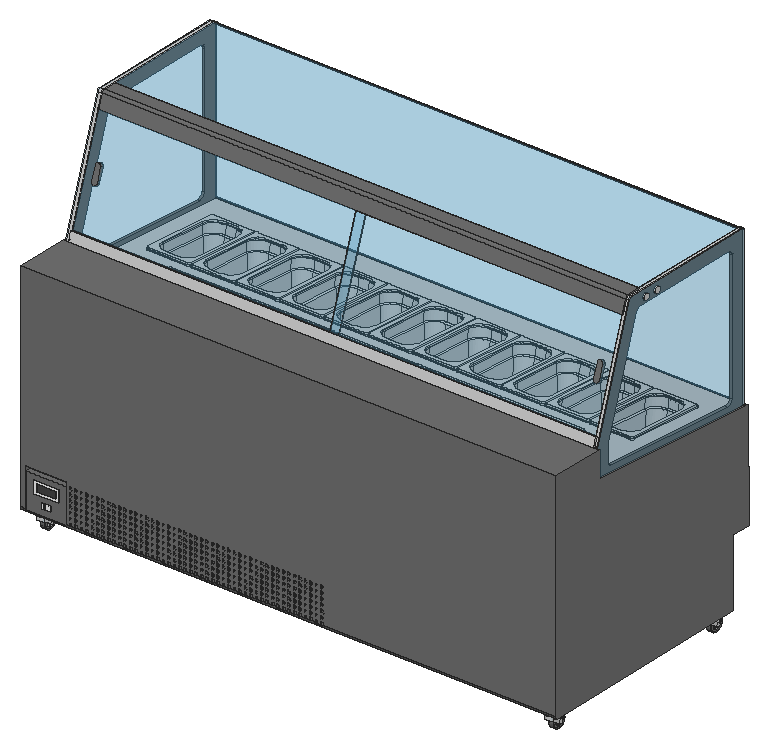
Revit family "QF_BLIZZARD_LUXE15_250923021827", category Specialty Equipment, Revit 2021 (continued)
Definition of nested family "QF_BLIZZARD_SUNDAE15_2920"
  Forms (mm)
    Extrusion 134, solid
      sketch origin (86, -389.598, 613.252) x (0, 0.996764, -0.080384) y (-1, 0, 0)
        loop
          arc (256, -327) -> (262.364, -324.364) -> (265, -318) r 9
          line (265, -318) -> (265, -174)
          arc (265, -174) -> (262.364, -167.636) -> (256, -165) r 9
          line (256, -165) -> (-31, -165)
          arc (-31, -165) -> (-37.364, -167.636) -> (-40, -174) r 9
        loop
          arc (-25.015, -264.5) -> (-10.957, -298.441) -> (22.985, -312.5) r 48
          line (22.985, -312.5) -> (202.2, -312.5)
          arc (202.2, -312.5) -> (236.011, -298.495) -> (250.015, -264.685) r 47.815
          line (250.015, -264.685) -> (250.015, -227.5)
          arc (250.015, -227.5) -> (235.957, -193.559) -> (202.015, -179.5) r 48
          line (202.015, -179.5) -> (22.985, -179.5)
          arc (22.985, -179.5) -> (-10.957, -193.559) -> (-25.015, -227.5) r 48
          line (-25.015, -227.5) -> (-25.015, -264.5)
      from 138 to 140
    Extrusion 135, solid
      sketch origin (86, -389.598, 613.252) x (0, 0.996764, -0.080384) y (-1, 0, 0)
        loop
          arc (-37, -318) -> (-35.243, -322.243) -> (-31, -324) r 6
          line (-31, -324) -> (256, -324)
          arc (256, -324) -> (260.243, -322.243) -> (262, -318) r 6
          line (262, -318) -> (262, -174)
          arc (262, -174) -> (260.243, -169.757) -> (256, -168) r 6
          line (256, -168) -> (-31, -168)
          arc (-31, -168) -> (-35.243, -169.757) -> (-37, -174) r 6
          line (-37, -174) -> (-37, -318)
        loop
          arc (-25.015, -264.5) -> (-10.957, -298.441) -> (22.985, -312.5) r 48
          line (22.985, -312.5) -> (202.015, -312.5)
          arc (202.015, -312.5) -> (235.957, -298.441) -> (250.015, -264.5) r 48
          line (250.015, -264.5) -> (250.015, -227.5)
          arc (250.015, -227.5) -> (235.957, -193.559) -> (202.015, -179.5) r 48
          line (202.015, -179.5) -> (22.985, -179.5)
          arc (22.985, -179.5) -> (-10.957, -193.559) -> (-25.015, -227.5) r 48
          line (-25.015, -227.5) -> (-25.015, -264.5)
      from 140 to 145
    Extrusion 136, solid
      sketch origin (86, 28.641, 574.507) x (0, 0.996764, -0.080384) y (-1, 0, 0)
        loop
          arc (-397.015, -202.911) -> (-414.402, -210.113) -> (-421.604, -227.5) r 24.589
          line (-421.604, -227.5) -> (-421.604, -264.5)
          arc (-421.604, -264.5) -> (-414.402, -281.887) -> (-397.015, -289.089) r 24.589
          line (-397.015, -289.089) -> (-217.8, -289.089)
          arc (-217.8, -289.089) -> (-200.544, -281.941) -> (-193.396, -264.685) r 24.404
          line (-193.396, -264.685) -> (-193.396, -227.315)
          arc (-193.396, -227.315) -> (-200.544, -210.059) -> (-217.8, -202.911) r 24.404
          line (-217.8, -202.911) -> (-397.015, -202.911)
      from 0 to 2
    Sweep 137, solid
      path origin (-76, -390, 608.268) x (0, 0.996764, -0.080384) y (-1, 0, 0)
        loop
          line (22.985, -289.089) -> (202.015, -289.089)
          arc (202.015, -289.089) -> (219.402, -281.887) -> (226.604, -264.5) r 24.589
          line (226.604, -264.5) -> (226.604, -227.5)
          arc (226.604, -227.5) -> (219.402, -210.113) -> (202.015, -202.911) r 24.589
          line (202.015, -202.911) -> (22.985, -202.911)
          arc (22.985, -202.911) -> (5.598, -210.113) -> (-1.604, -227.5) r 24.589
          line (-1.604, -227.5) -> (-1.604, -264.5)
          arc (-1.604, -264.5) -> (5.598, -281.887) -> (22.985, -289.089) r 24.589
      profile origin (213.089, -277.864, 599.225) x (-1, 0, 0) y (0, 0.080384, 0.996764)
        loop
          arc (0, 2) -> (-9.637, 5.845) -> (-13.981, 15.267) r 14
          line (-13.981, 15.267) -> (-18.689, 105.106) -> (-23.411, 109.828) -> (-23.411, 143) -> (-25.411, 143) -> (-25.411, 109) -> (-20.646, 104.235) -> (-15.978, 15.163)
          arc (-15.978, 15.163) -> (-11.014, 4.394) -> (0, 0) r 16
          line (0, 0) -> (0, 2)
    Extrusion 138, solid
      sketch origin (-76, -389.598, 613.252) x (0, 0.996764, -0.080384) y (-1, 0, 0)
        loop
          line (-40, -174) -> (-40, -318)
          arc (-40, -318) -> (-37.364, -324.364) -> (-31, -327) r 9
          line (-31, -327) -> (256, -327)
          arc (256, -327) -> (262.364, -324.364) -> (265, -318) r 9
          line (265, -318) -> (265, -174)
          arc (265, -174) -> (262.364, -167.636) -> (256, -165) r 9
          line (256, -165) -> (-31, -165)
          arc (-31, -165) -> (-37.364, -167.636) -> (-40, -174) r 9
        loop
          arc (-25.015, -264.5) -> (-10.957, -298.441) -> (22.985, -312.5) r 48
          line (22.985, -312.5) -> (202.2, -312.5)
          arc (202.2, -312.5) -> (236.011, -298.495) -> (250.015, -264.685) r 47.815
          line (250.015, -264.685) -> (250.015, -227.5)
          arc (250.015, -227.5) -> (235.957, -193.559) -> (202.015, -179.5) r 48
          line (202.015, -179.5) -> (22.985, -179.5)
          arc (22.985, -179.5) -> (-10.957, -193.559) -> (-25.015, -227.5) r 48
          line (-25.015, -227.5) -> (-25.015, -264.5)
      from 138 to 140
    Extrusion 139, solid
      sketch origin (-76, -389.598, 613.252) x (0, 0.996764, -0.080384) y (-1, 0, 0)
        loop
          arc (-37, -318) -> (-35.243, -322.243) -> (-31, -324) r 6
          line (-31, -324) -> (256, -324)
          arc (256, -324) -> (260.243, -322.243) -> (262, -318) r 6
          line (262, -318) -> (262, -174)
          arc (262, -174) -> (260.243, -169.757) -> (256, -168) r 6
          line (256, -168) -> (-31, -168)
          arc (-31, -168) -> (-35.243, -169.757) -> (-37, -174) r 6
          line (-37, -174) -> (-37, -318)
        loop
          arc (-25.015, -264.5) -> (-10.957, -298.441) -> (22.985, -312.5) r 48
          line (22.985, -312.5) -> (202.015, -312.5)
          arc (202.015, -312.5) -> (235.957, -298.441) -> (250.015, -264.5) r 48
          line (250.015, -264.5) -> (250.015, -227.5)
          arc (250.015, -227.5) -> (235.957, -193.559) -> (202.015, -179.5) r 48
          line (202.015, -179.5) -> (22.985, -179.5)
          arc (22.985, -179.5) -> (-10.957, -193.559) -> (-25.015, -227.5) r 48
          line (-25.015, -227.5) -> (-25.015, -264.5)
      from 140 to 145
    Extrusion 140, solid
      sketch origin (-76, 28.641, 574.507) x (0, 0.996764, -0.080384) y (-1, 0, 0)
        loop
          arc (-397.015, -202.911) -> (-414.402, -210.113) -> (-421.604, -227.5) r 24.589
          line (-421.604, -227.5) -> (-421.604, -264.5)
          arc (-421.604, -264.5) -> (-414.402, -281.887) -> (-397.015, -289.089) r 24.589
          line (-397.015, -289.089) -> (-217.8, -289.089)
          arc (-217.8, -289.089) -> (-200.544, -281.941) -> (-193.396, -264.685) r 24.404
          line (-193.396, -264.685) -> (-193.396, -227.315)
          arc (-193.396, -227.315) -> (-200.544, -210.059) -> (-217.8, -202.911) r 24.404
          line (-217.8, -202.911) -> (-397.015, -202.911)
      from 0 to 2
    Sweep 141, solid
      path origin (258, -314.898, 602.211) x (1, 0, 0) y (0, 0.996764, -0.080384)
        loop
          line (22.985, -289.089) -> (202.015, -289.089)
          arc (202.015, -289.089) -> (219.402, -281.887) -> (226.604, -264.5) r 24.589
          line (226.604, -264.5) -> (226.604, -227.5)
          arc (226.604, -227.5) -> (219.402, -210.113) -> (202.015, -202.911) r 24.589
          line (202.015, -202.911) -> (22.985, -202.911)
          arc (22.985, -202.911) -> (5.598, -210.113) -> (-1.604, -227.5) r 24.589
          line (-1.604, -227.5) -> (-1.604, -264.5)
          arc (-1.604, -264.5) -> (5.598, -281.887) -> (22.985, -289.089) r 24.589
      profile origin (370.5, -603.051, 625.45) x (0, 0.996764, -0.080384) y (0, 0.080384, 0.996764)
        loop
          arc (0, 2) -> (-9.637, 5.845) -> (-13.981, 15.267) r 14
          line (-13.981, 15.267) -> (-18.689, 105.106) -> (-23.411, 109.828) -> (-23.411, 143) -> (-25.411, 143) -> (-25.411, 109) -> (-20.646, 104.235) -> (-15.978, 15.163)
          arc (-15.978, 15.163) -> (-11.014, 4.394) -> (0, 0) r 16
          line (0, 0) -> (0, 2)
    Extrusion 142, solid
      sketch origin (678, -314.898, 602.211) x (1, 0, 0) y (0, 0.996764, -0.080384)
        loop
          arc (-397.015, -202.911) -> (-414.402, -210.113) -> (-421.604, -227.5) r 24.589
          line (-421.604, -227.5) -> (-421.604, -264.5)
          arc (-421.604, -264.5) -> (-414.402, -281.887) -> (-397.015, -289.089) r 24.589
          line (-397.015, -289.089) -> (-217.8, -289.089)
          arc (-217.8, -289.089) -> (-200.544, -281.941) -> (-193.396, -264.685) r 24.404
          line (-193.396, -264.685) -> (-193.396, -227.315)
          arc (-193.396, -227.315) -> (-200.544, -210.059) -> (-217.8, -202.911) r 24.404
          line (-217.8, -202.911) -> (-397.015, -202.911)
      from 0 to 2
    Extrusion 143, solid
      sketch origin (258, -314.497, 607.195) x (1, 0, 0) y (0, 0.996764, -0.080384)
        loop
          line (-40, -174) -> (-40, -318)
          arc (-40, -318) -> (-37.364, -324.364) -> (-31, -327) r 9
          line (-31, -327) -> (256, -327)
          arc (256, -327) -> (262.364, -324.364) -> (265, -318) r 9
          line (265, -318) -> (265, -174)
          arc (265, -174) -> (262.364, -167.636) -> (256, -165) r 9
          line (256, -165) -> (-31, -165)
          arc (-31, -165) -> (-37.364, -167.636) -> (-40, -174) r 9
        loop
          arc (-25.015, -264.5) -> (-10.957, -298.441) -> (22.985, -312.5) r 48
          line (22.985, -312.5) -> (202.2, -312.5)
          arc (202.2, -312.5) -> (236.011, -298.495) -> (250.015, -264.685) r 47.815
          line (250.015, -264.685) -> (250.015, -227.5)
          arc (250.015, -227.5) -> (235.957, -193.559) -> (202.015, -179.5) r 48
          line (202.015, -179.5) -> (22.985, -179.5)
          arc (22.985, -179.5) -> (-10.957, -193.559) -> (-25.015, -227.5) r 48
          line (-25.015, -227.5) -> (-25.015, -264.5)
      from 138 to 140
    Extrusion 144, solid
      sketch origin (258, -314.497, 607.195) x (1, 0, 0) y (0, 0.996764, -0.080384)
        loop
          arc (-37, -318) -> (-35.243, -322.243) -> (-31, -324) r 6
          line (-31, -324) -> (256, -324)
          arc (256, -324) -> (260.243, -322.243) -> (262, -318) r 6
          line (262, -318) -> (262, -174)
          arc (262, -174) -> (260.243, -169.757) -> (256, -168) r 6
          line (256, -168) -> (-31, -168)
          arc (-31, -168) -> (-35.243, -169.757) -> (-37, -174) r 6
          line (-37, -174) -> (-37, -318)
        loop
          arc (-25.015, -264.5) -> (-10.957, -298.441) -> (22.985, -312.5) r 48
          line (22.985, -312.5) -> (202.015, -312.5)
          arc (202.015, -312.5) -> (235.957, -298.441) -> (250.015, -264.5) r 48
          line (250.015, -264.5) -> (250.015, -227.5)
          arc (250.015, -227.5) -> (235.957, -193.559) -> (202.015, -179.5) r 48
          line (202.015, -179.5) -> (22.985, -179.5)
          arc (22.985, -179.5) -> (-10.957, -193.559) -> (-25.015, -227.5) r 48
          line (-25.015, -227.5) -> (-25.015, -264.5)
      from 140 to 145
  Cuts and joins
    Extrusion 44 cuts Extrusion 1
    Extrusion 46 cuts Extrusion 22
    Extrusion 43 cuts Extrusion 11
    Extrusion 45 cuts Extrusion 32
    Extrusion 85, Extrusion 91, Extrusion 101, Extrusion 110, Extrusion 111 cuts Extrusion 53
    Extrusion 85, Extrusion 101 cuts Extrusion 100
  Lines and regions (mm)
    symbolic lines
      curve 1: line (0, -879, 0) -> (1960, -879, 0)
      curve 2: line (1960, -879, 0) -> (1960, 1, 0)
      curve 3: line (0, 1, 0) -> (0, -879, 0)
      curve 4: line (1960, 1, 0) -> (0, 1, 0)
      curve 5: line (1871, -409.405, 0) -> (1871, -123.333, 0)
      curve 6: line (1868, -409.003, 0) -> (1868, -122.932, 0)
      curve 7: spline (1862, -414.983, 0) -> (1862.783, -414.932, 0) -> (1863.553, -414.78, 0) -> (1864.296, -414.528, 0) -> (1865, -414.182, 0) -> (1865.653, -413.748, 0) -> (1866.243, -413.232, 0) -> (1866.76, -412.644, 0) -> (1867.196, -411.993, 0) -> (1867.543, -411.292, 0) -> (1867.796, -410.551, 0) -> (1867.949, -409.783, 0) -> (1868, -409.003, 0)
      curve 8: line (1718, -414.983, 0) -> (1862, -414.983, 0)
      curve 9: line (1718, -418.376, 0) -> (1862, -418.376, 0)
      curve 10: spline (1862, -418.376, 0) -> (1863.175, -418.299, 0) -> (1864.329, -418.07, 0) -> (1865.444, -417.693, 0) -> (1866.5, -417.174, 0) -> (1867.479, -416.522, 0) -> (1868.364, -415.748, 0) -> (1869.14, -414.866, 0) -> (1869.794, -413.89, 0) -> (1870.315, -412.838, 0) -> (1870.693, -411.727, 0) -> (1870.923, -410.576, 0) -> (1871, -409.405, 0)
      curve 11: spline (1712, -409.003, 0) -> (1712.051, -409.783, 0) -> (1712.204, -410.551, 0) -> (1712.457, -411.292, 0) -> (1712.804, -411.993, 0) -> (1713.24, -412.644, 0) -> (1713.757, -413.232, 0) -> (1714.347, -413.748, 0) -> (1715, -414.182, 0) -> (1715.704, -414.528, 0) -> (1716.447, -414.78, 0) -> (1717.217, -414.932, 0) -> (1718, -414.983, 0)
      curve 12: spline (1709, -409.405, 0) -> (1709.077, -410.576, 0) -> (1709.307, -411.727, 0) -> (1709.685, -412.838, 0) -> (1710.206, -413.89, 0) -> (1710.86, -414.866, 0) -> (1711.636, -415.748, 0) -> (1712.521, -416.522, 0) -> (1713.5, -417.174, 0) -> (1714.556, -417.693, 0) -> (1715.671, -418.07, 0) -> (1716.825, -418.299, 0) -> (1718, -418.376, 0)
      curve 13: line (1712, -122.932, 0) -> (1712, -409.003, 0)
      curve 14: line (1709, -123.333, 0) -> (1709, -409.405, 0)
      curve 15: spline (1868, -122.932, 0) -> (1867.949, -122.151, 0) -> (1867.796, -121.384, 0) -> (1867.543, -120.643, 0) -> (1867.196, -119.941, 0) -> (1866.76, -119.291, 0) -> (1866.243, -118.703, 0) -> (1865.653, -118.187, 0) -> (1865, -117.752, 0) -> (1864.296, -117.406, 0) -> (1863.553, -117.155, 0) -> (1862.783, -117.002, 0) -> (1862, -116.951, 0)
      curve 16: spline (1871, -123.333, 0) -> (1870.923, -122.163, 0) -> (1870.693, -121.012, 0) -> (1870.315, -119.9, 0) -> (1869.794, -118.848, 0) -> (1869.14, -117.872, 0) -> (1868.364, -116.99, 0) -> (1867.479, -116.216, 0) -> (1866.5, -115.564, 0) -> (1865.444, -115.045, 0) -> (1864.329, -114.668, 0) -> (1863.175, -114.439, 0) -> (1862, -114.363, 0)
      curve 17: line (1862, -114.363, 0) -> (1718, -114.363, 0)
      curve 18: line (1862, -116.951, 0) -> (1718, -116.951, 0)
      curve 19: spline (1718, -116.951, 0) -> (1717.217, -117.002, 0) -> (1716.447, -117.155, 0) -> (1715.704, -117.406, 0) -> (1715, -117.752, 0) -> (1714.347, -118.187, 0) -> (1713.757, -118.703, 0) -> (1713.24, -119.291, 0) -> (1712.804, -119.941, 0) -> (1712.457, -120.643, 0) -> (1712.204, -121.384, 0) -> (1712.051, -122.151, 0) -> (1712, -122.932, 0)
      curve 20: spline (1718, -114.363, 0) -> (1716.825, -114.439, 0) -> (1715.671, -114.668, 0) -> (1714.556, -115.045, 0) -> (1713.5, -115.564, 0) -> (1712.521, -116.216, 0) -> (1711.636, -116.99, 0) -> (1710.86, -117.872, 0) -> (1710.206, -118.848, 0) -> (1709.685, -119.9, 0) -> (1709.307, -121.012, 0) -> (1709.077, -122.163, 0) -> (1709, -123.333, 0)
      curve 21: spline (1856.5, -355.193, 0) -> (1856.089, -361.438, 0) -> (1854.864, -367.576, 0) -> (1852.846, -373.502, 0) -> (1850.069, -379.115, 0) -> (1846.581, -384.319, 0) -> (1842.441, -389.024, 0) -> (1837.721, -393.151, 0) -> (1832.5, -396.628, 0) -> (1826.869, -399.396, 0) -> (1820.923, -401.407, 0) -> (1814.765, -402.628, 0) -> (1808.5, -403.038, 0)
      curve 22: line (1808.5, -403.038, 0) -> (1771.5, -403.038, 0)
      curve 23: spline (1771.5, -403.038, 0) -> (1765.235, -402.628, 0) -> (1759.077, -401.407, 0) -> (1753.131, -399.396, 0) -> (1747.5, -396.628, 0) -> (1742.279, -393.151, 0) -> (1737.559, -389.024, 0) -> (1733.419, -384.319, 0) -> (1729.931, -379.115, 0) -> (1727.154, -373.502, 0) -> (1725.136, -367.576, 0) -> (1723.911, -361.438, 0) -> (1723.5, -355.193, 0)
      curve 24: line (1723.5, -355.193, 0) -> (1723.5, -176.741, 0)
      curve 25: line (1856.5, -176.741, 0) -> (1856.5, -355.193, 0)
      curve 26: spline (1723.5, -176.741, 0) -> (1723.911, -170.496, 0) -> (1725.136, -164.358, 0) -> (1727.154, -158.432, 0) -> (1729.931, -152.819, 0) -> (1733.419, -147.615, 0) -> (1737.559, -142.91, 0) -> (1742.279, -138.784, 0) -> (1747.5, -135.307, 0) -> (1753.131, -132.539, 0) -> (1759.077, -130.527, 0) -> (1765.235, -129.306, 0) -> (1771.5, -128.897, 0)
      curve 27: line (1771.5, -128.897, 0) -> (1808.5, -128.897, 0)
      curve 28: spline (1808.5, -128.897, 0) -> (1814.765, -129.306, 0) -> (1820.923, -130.527, 0) -> (1826.869, -132.539, 0) -> (1832.5, -135.307, 0) -> (1837.721, -138.784, 0) -> (1842.441, -142.91, 0) -> (1846.581, -147.615, 0) -> (1850.069, -152.819, 0) -> (1852.846, -158.432, 0) -> (1854.864, -164.358, 0) -> (1856.089, -170.496, 0) -> (1856.5, -176.741, 0)
      curve 29: line (1706, -409.003, 0) -> (1706, -122.932, 0)
      curve 30: spline (1700, -414.983, 0) -> (1700.783, -414.932, 0) -> (1701.553, -414.78, 0) -> (1702.296, -414.528, 0) -> (1703, -414.182, 0) -> (1703.653, -413.748, 0) -> (1704.243, -413.232, 0) -> (1704.76, -412.644, 0) -> (1705.196, -411.993, 0) -> (1705.543, -411.292, 0) -> (1705.796, -410.551, 0) -> (1705.949, -409.783, 0) -> (1706, -409.003, 0)
      curve 31: line (1556, -414.983, 0) -> (1700, -414.983, 0)
      curve 32: line (1556, -418.376, 0) -> (1700, -418.376, 0)
      curve 33: spline (1700, -418.376, 0) -> (1701.175, -418.299, 0) -> (1702.329, -418.07, 0) -> (1703.444, -417.693, 0) -> (1704.5, -417.174, 0) -> (1705.479, -416.522, 0) -> (1706.364, -415.748, 0) -> (1707.14, -414.866, 0) -> (1707.794, -413.89, 0) -> (1708.315, -412.838, 0) -> (1708.693, -411.727, 0) -> (1708.923, -410.576, 0) -> (1709, -409.405, 0)
      curve 34: spline (1550, -409.003, 0) -> (1550.051, -409.783, 0) -> (1550.204, -410.551, 0) -> (1550.457, -411.292, 0) -> (1550.804, -411.993, 0) -> (1551.24, -412.644, 0) -> (1551.757, -413.232, 0) -> (1552.347, -413.748, 0) -> (1553, -414.182, 0) -> (1553.704, -414.528, 0) -> (1554.447, -414.78, 0) -> (1555.217, -414.932, 0) -> (1556, -414.983, 0)
      curve 35: spline (1547, -409.405, 0) -> (1547.077, -410.576, 0) -> (1547.307, -411.727, 0) -> (1547.685, -412.838, 0) -> (1548.206, -413.89, 0) -> (1548.86, -414.866, 0) -> (1549.636, -415.748, 0) -> (1550.521, -416.522, 0) -> (1551.5, -417.174, 0) -> (1552.556, -417.693, 0) -> (1553.671, -418.07, 0) -> (1554.825, -418.299, 0) -> (1556, -418.376, 0)
      curve 36: line (1550, -122.932, 0) -> (1550, -409.003, 0)
      curve 37: line (1547, -123.333, 0) -> (1547, -409.405, 0)
      curve 38: spline (1706, -122.932, 0) -> (1705.949, -122.151, 0) -> (1705.796, -121.384, 0) -> (1705.543, -120.643, 0) -> (1705.196, -119.941, 0) -> (1704.76, -119.291, 0) -> (1704.243, -118.703, 0) -> (1703.653, -118.187, 0) -> (1703, -117.752, 0) -> (1702.296, -117.406, 0) -> (1701.553, -117.155, 0) -> (1700.783, -117.002, 0) -> (1700, -116.951, 0)
      curve 39: spline (1709, -123.333, 0) -> (1708.923, -122.163, 0) -> (1708.693, -121.012, 0) -> (1708.315, -119.9, 0) -> (1707.794, -118.848, 0) -> (1707.14, -117.872, 0) -> (1706.364, -116.99, 0) -> (1705.479, -116.216, 0) -> (1704.5, -115.564, 0) -> (1703.444, -115.045, 0) -> (1702.329, -114.668, 0) -> (1701.175, -114.439, 0) -> (1700, -114.363, 0)
      curve 40: line (1700, -114.363, 0) -> (1556, -114.363, 0)
      curve 41: line (1700, -116.951, 0) -> (1556, -116.951, 0)
      curve 42: spline (1556, -116.951, 0) -> (1555.217, -117.002, 0) -> (1554.447, -117.155, 0) -> (1553.704, -117.406, 0) -> (1553, -117.752, 0) -> (1552.347, -118.187, 0) -> (1551.757, -118.703, 0) -> (1551.24, -119.291, 0) -> (1550.804, -119.941, 0) -> (1550.457, -120.643, 0) -> (1550.204, -121.384, 0) -> (1550.051, -122.151, 0) -> (1550, -122.932, 0)
      curve 43: spline (1556, -114.363, 0) -> (1554.825, -114.439, 0) -> (1553.671, -114.668, 0) -> (1552.556, -115.045, 0) -> (1551.5, -115.564, 0) -> (1550.521, -116.216, 0) -> (1549.636, -116.99, 0) -> (1548.86, -117.872, 0) -> (1548.206, -118.848, 0) -> (1547.685, -119.9, 0) -> (1547.307, -121.012, 0) -> (1547.077, -122.163, 0) -> (1547, -123.333, 0)
      curve 44: spline (1694.5, -355.193, 0) -> (1694.089, -361.438, 0) -> (1692.864, -367.576, 0) -> (1690.846, -373.502, 0) -> (1688.069, -379.115, 0) -> (1684.581, -384.319, 0) -> (1680.441, -389.024, 0) -> (1675.721, -393.151, 0) -> (1670.5, -396.628, 0) -> (1664.869, -399.396, 0) -> (1658.923, -401.407, 0) -> (1652.765, -402.628, 0) -> (1646.5, -403.038, 0)
      curve 45: line (1646.5, -403.038, 0) -> (1609.5, -403.038, 0)
      curve 46: spline (1609.5, -403.038, 0) -> (1603.235, -402.628, 0) -> (1597.077, -401.407, 0) -> (1591.131, -399.396, 0) -> (1585.5, -396.628, 0) -> (1580.279, -393.151, 0) -> (1575.559, -389.024, 0) -> (1571.419, -384.319, 0) -> (1567.931, -379.115, 0) -> (1565.154, -373.502, 0) -> (1563.136, -367.576, 0) -> (1561.911, -361.438, 0) -> (1561.5, -355.193, 0)
      curve 47: line (1561.5, -355.193, 0) -> (1561.5, -176.741, 0)
      curve 48: line (1694.5, -176.741, 0) -> (1694.5, -355.193, 0)
      curve 49: spline (1561.5, -176.741, 0) -> (1561.911, -170.496, 0) -> (1563.136, -164.358, 0) -> (1565.154, -158.432, 0) -> (1567.931, -152.819, 0) -> (1571.419, -147.615, 0) -> (1575.559, -142.91, 0) -> (1580.279, -138.784, 0) -> (1585.5, -135.307, 0) -> (1591.131, -132.539, 0) -> (1597.077, -130.527, 0) -> (1603.235, -129.306, 0) -> (1609.5, -128.897, 0)
      curve 50: line (1609.5, -128.897, 0) -> (1646.5, -128.897, 0)
      curve 51: spline (1646.5, -128.897, 0) -> (1652.765, -129.306, 0) -> (1658.923, -130.527, 0) -> (1664.869, -132.539, 0) -> (1670.5, -135.307, 0) -> (1675.721, -138.784, 0) -> (1680.441, -142.91, 0) -> (1684.581, -147.615, 0) -> (1688.069, -152.819, 0) -> (1690.846, -158.432, 0) -> (1692.864, -164.358, 0) -> (1694.089, -170.496, 0) -> (1694.5, -176.741, 0)
      curve 52: line (1544, -409.003, 0) -> (1544, -122.932, 0)
      curve 53: spline (1538, -414.983, 0) -> (1538.783, -414.932, 0) -> (1539.553, -414.78, 0) -> (1540.296, -414.528, 0) -> (1541, -414.182, 0) -> (1541.653, -413.748, 0) -> (1542.243, -413.232, 0) -> (1542.76, -412.644, 0) -> (1543.196, -411.993, 0) -> (1543.543, -411.292, 0) -> (1543.796, -410.551, 0) -> (1543.949, -409.783, 0) -> (1544, -409.003, 0)
      curve 54: line (1394, -414.983, 0) -> (1538, -414.983, 0)
      curve 55: line (1394, -418.376, 0) -> (1538, -418.376, 0)
      curve 56: spline (1538, -418.376, 0) -> (1539.175, -418.299, 0) -> (1540.329, -418.07, 0) -> (1541.444, -417.693, 0) -> (1542.5, -417.174, 0) -> (1543.479, -416.522, 0) -> (1544.364, -415.748, 0) -> (1545.14, -414.866, 0) -> (1545.794, -413.89, 0) -> (1546.315, -412.838, 0) -> (1546.693, -411.727, 0) -> (1546.923, -410.576, 0) -> (1547, -409.405, 0)
      curve 57: spline (1388, -409.003, 0) -> (1388.051, -409.783, 0) -> (1388.204, -410.551, 0) -> (1388.457, -411.292, 0) -> (1388.804, -411.993, 0) -> (1389.24, -412.644, 0) -> (1389.757, -413.232, 0) -> (1390.347, -413.748, 0) -> (1391, -414.182, 0) -> (1391.704, -414.528, 0) -> (1392.447, -414.78, 0) -> (1393.217, -414.932, 0) -> (1394, -414.983, 0)
      curve 58: spline (1385, -409.405, 0) -> (1385.077, -410.576, 0) -> (1385.307, -411.727, 0) -> (1385.685, -412.838, 0) -> (1386.206, -413.89, 0) -> (1386.86, -414.866, 0) -> (1387.636, -415.748, 0) -> (1388.521, -416.522, 0) -> (1389.5, -417.174, 0) -> (1390.556, -417.693, 0) -> (1391.671, -418.07, 0) -> (1392.825, -418.299, 0) -> (1394, -418.376, 0)
      curve 59: line (1388, -122.932, 0) -> (1388, -409.003, 0)
      curve 60: line (1385, -123.333, 0) -> (1385, -409.405, 0)
      curve 61: spline (1544, -122.932, 0) -> (1543.949, -122.151, 0) -> (1543.796, -121.384, 0) -> (1543.543, -120.643, 0) -> (1543.196, -119.941, 0) -> (1542.76, -119.291, 0) -> (1542.243, -118.703, 0) -> (1541.653, -118.187, 0) -> (1541, -117.752, 0) -> (1540.296, -117.406, 0) -> (1539.553, -117.155, 0) -> (1538.783, -117.002, 0) -> (1538, -116.951, 0)
      curve 62: spline (1547, -123.333, 0) -> (1546.923, -122.163, 0) -> (1546.693, -121.012, 0) -> (1546.315, -119.9, 0) -> (1545.794, -118.848, 0) -> (1545.14, -117.872, 0) -> (1544.364, -116.99, 0) -> (1543.479, -116.216, 0) -> (1542.5, -115.564, 0) -> (1541.444, -115.045, 0) -> (1540.329, -114.668, 0) -> (1539.175, -114.439, 0) -> (1538, -114.363, 0)
      curve 63: line (1538, -114.363, 0) -> (1394, -114.363, 0)
      curve 64: line (1538, -116.951, 0) -> (1394, -116.951, 0)
      curve 65: spline (1394, -116.951, 0) -> (1393.217, -117.002, 0) -> (1392.447, -117.155, 0) -> (1391.704, -117.406, 0) -> (1391, -117.752, 0) -> (1390.347, -118.187, 0) -> (1389.757, -118.703, 0) -> (1389.24, -119.291, 0) -> (1388.804, -119.941, 0) -> (1388.457, -120.643, 0) -> (1388.204, -121.384, 0) -> (1388.051, -122.151, 0) -> (1388, -122.932, 0)
      curve 66: spline (1394, -114.363, 0) -> (1392.825, -114.439, 0) -> (1391.671, -114.668, 0) -> (1390.556, -115.045, 0) -> (1389.5, -115.564, 0) -> (1388.521, -116.216, 0) -> (1387.636, -116.99, 0) -> (1386.86, -117.872, 0) -> (1386.206, -118.848, 0) -> (1385.685, -119.9, 0) -> (1385.307, -121.012, 0) -> (1385.077, -122.163, 0) -> (1385, -123.333, 0)
      curve 67: spline (1532.5, -355.193, 0) -> (1532.089, -361.438, 0) -> (1530.864, -367.576, 0) -> (1528.846, -373.502, 0) -> (1526.069, -379.115, 0) -> (1522.581, -384.319, 0) -> (1518.441, -389.024, 0) -> (1513.721, -393.151, 0) -> (1508.5, -396.628, 0) -> (1502.869, -399.396, 0) -> (1496.923, -401.407, 0) -> (1490.765, -402.628, 0) -> (1484.5, -403.038, 0)
      curve 68: line (1484.5, -403.038, 0) -> (1447.5, -403.038, 0)
      curve 69: spline (1447.5, -403.038, 0) -> (1441.235, -402.628, 0) -> (1435.077, -401.407, 0) -> (1429.131, -399.396, 0) -> (1423.5, -396.628, 0) -> (1418.279, -393.151, 0) -> (1413.559, -389.024, 0) -> (1409.419, -384.319, 0) -> (1405.931, -379.115, 0) -> (1403.154, -373.502, 0) -> (1401.136, -367.576, 0) -> (1399.911, -361.438, 0) -> (1399.5, -355.193, 0)
      curve 70: line (1399.5, -355.193, 0) -> (1399.5, -176.741, 0)
      curve 71: line (1532.5, -176.741, 0) -> (1532.5, -355.193, 0)
      curve 72: spline (1399.5, -176.741, 0) -> (1399.911, -170.496, 0) -> (1401.136, -164.358, 0) -> (1403.154, -158.432, 0) -> (1405.931, -152.819, 0) -> (1409.419, -147.615, 0) -> (1413.559, -142.91, 0) -> (1418.279, -138.784, 0) -> (1423.5, -135.307, 0) -> (1429.131, -132.539, 0) -> (1435.077, -130.527, 0) -> (1441.235, -129.306, 0) -> (1447.5, -128.897, 0)
      curve 73: line (1447.5, -128.897, 0) -> (1484.5, -128.897, 0)
      curve 74: spline (1484.5, -128.897, 0) -> (1490.765, -129.306, 0) -> (1496.923, -130.527, 0) -> (1502.869, -132.539, 0) -> (1508.5, -135.307, 0) -> (1513.721, -138.784, 0) -> (1518.441, -142.91, 0) -> (1522.581, -147.615, 0) -> (1526.069, -152.819, 0) -> (1528.846, -158.432, 0) -> (1530.864, -164.358, 0) -> (1532.089, -170.496, 0) -> (1532.5, -176.741, 0)
      curve 75: line (1382, -409.003, 0) -> (1382, -122.932, 0)
      curve 76: spline (1376, -414.983, 0) -> (1376.783, -414.932, 0) -> (1377.553, -414.78, 0) -> (1378.296, -414.528, 0) -> (1379, -414.182, 0) -> (1379.653, -413.748, 0) -> (1380.243, -413.232, 0) -> (1380.76, -412.644, 0) -> (1381.196, -411.993, 0) -> (1381.543, -411.292, 0) -> (1381.796, -410.551, 0) -> (1381.949, -409.783, 0) -> (1382, -409.003, 0)
      curve 77: line (1232, -414.983, 0) -> (1376, -414.983, 0)
      curve 78: line (1232, -418.376, 0) -> (1376, -418.376, 0)
      curve 79: spline (1376, -418.376, 0) -> (1377.175, -418.299, 0) -> (1378.329, -418.07, 0) -> (1379.444, -417.693, 0) -> (1380.5, -417.174, 0) -> (1381.479, -416.522, 0) -> (1382.364, -415.748, 0) -> (1383.14, -414.866, 0) -> (1383.794, -413.89, 0) -> (1384.315, -412.838, 0) -> (1384.693, -411.727, 0) -> (1384.923, -410.576, 0) -> (1385, -409.405, 0)
      curve 80: spline (1226, -409.003, 0) -> (1226.051, -409.783, 0) -> (1226.204, -410.551, 0) -> (1226.457, -411.292, 0) -> (1226.804, -411.993, 0) -> (1227.24, -412.644, 0) -> (1227.757, -413.232, 0) -> (1228.347, -413.748, 0) -> (1229, -414.182, 0) -> (1229.704, -414.528, 0) -> (1230.447, -414.78, 0) -> (1231.217, -414.932, 0) -> (1232, -414.983, 0)
      curve 81: spline (1223, -409.405, 0) -> (1223.077, -410.576, 0) -> (1223.307, -411.727, 0) -> (1223.685, -412.838, 0) -> (1224.206, -413.89, 0) -> (1224.86, -414.866, 0) -> (1225.636, -415.748, 0) -> (1226.521, -416.522, 0) -> (1227.5, -417.174, 0) -> (1228.556, -417.693, 0) -> (1229.671, -418.07, 0) -> (1230.825, -418.299, 0) -> (1232, -418.376, 0)
      curve 82: line (1226, -122.932, 0) -> (1226, -409.003, 0)
      curve 83: line (1223, -123.333, 0) -> (1223, -409.405, 0)
      curve 84: spline (1382, -122.932, 0) -> (1381.949, -122.151, 0) -> (1381.796, -121.384, 0) -> (1381.543, -120.643, 0) -> (1381.196, -119.941, 0) -> (1380.76, -119.291, 0) -> (1380.243, -118.703, 0) -> (1379.653, -118.187, 0) -> (1379, -117.752, 0) -> (1378.296, -117.406, 0) -> (1377.553, -117.155, 0) -> (1376.783, -117.002, 0) -> (1376, -116.951, 0)
      curve 85: spline (1385, -123.333, 0) -> (1384.923, -122.163, 0) -> (1384.693, -121.012, 0) -> (1384.315, -119.9, 0) -> (1383.794, -118.848, 0) -> (1383.14, -117.872, 0) -> (1382.364, -116.99, 0) -> (1381.479, -116.216, 0) -> (1380.5, -115.564, 0) -> (1379.444, -115.045, 0) -> (1378.329, -114.668, 0) -> (1377.175, -114.439, 0) -> (1376, -114.363, 0)
      curve 86: line (1376, -114.363, 0) -> (1232, -114.363, 0)
      curve 87: line (1376, -116.951, 0) -> (1232, -116.951, 0)
      curve 88: spline (1232, -116.951, 0) -> (1231.217, -117.002, 0) -> (1230.447, -117.155, 0) -> (1229.704, -117.406, 0) -> (1229, -117.752, 0) -> (1228.347, -118.187, 0) -> (1227.757, -118.703, 0) -> (1227.24, -119.291, 0) -> (1226.804, -119.941, 0) -> (1226.457, -120.643, 0) -> (1226.204, -121.384, 0) -> (1226.051, -122.151, 0) -> (1226, -122.932, 0)
      curve 89: spline (1232, -114.363, 0) -> (1230.825, -114.439, 0) -> (1229.671, -114.668, 0) -> (1228.556, -115.045, 0) -> (1227.5, -115.564, 0) -> (1226.521, -116.216, 0) -> (1225.636, -116.99, 0) -> (1224.86, -117.872, 0) -> (1224.206, -118.848, 0) -> (1223.685, -119.9, 0) -> (1223.307, -121.012, 0) -> (1223.077, -122.163, 0) -> (1223, -123.333, 0)
      curve 90: spline (1370.5, -355.193, 0) -> (1370.089, -361.438, 0) -> (1368.864, -367.576, 0) -> (1366.846, -373.502, 0) -> (1364.069, -379.115, 0) -> (1360.581, -384.319, 0) -> (1356.441, -389.024, 0) -> (1351.721, -393.151, 0) -> (1346.5, -396.628, 0) -> (1340.869, -399.396, 0) -> (1334.923, -401.407, 0) -> (1328.765, -402.628, 0) -> (1322.5, -403.038, 0)
      curve 91: line (1322.5, -403.038, 0) -> (1285.5, -403.038, 0)
      curve 92: spline (1285.5, -403.038, 0) -> (1279.235, -402.628, 0) -> (1273.077, -401.407, 0) -> (1267.131, -399.396, 0) -> (1261.5, -396.628, 0) -> (1256.279, -393.151, 0) -> (1251.559, -389.024, 0) -> (1247.419, -384.319, 0) -> (1243.931, -379.115, 0) -> (1241.154, -373.502, 0) -> (1239.136, -367.576, 0) -> (1237.911, -361.438, 0) -> (1237.5, -355.193, 0)
      curve 93: line (1237.5, -355.193, 0) -> (1237.5, -176.741, 0)
      curve 94: line (1370.5, -176.741, 0) -> (1370.5, -355.193, 0)
      curve 95: spline (1237.5, -176.741, 0) -> (1237.911, -170.496, 0) -> (1239.136, -164.358, 0) -> (1241.154, -158.432, 0) -> (1243.931, -152.819, 0) -> (1247.419, -147.615, 0) -> (1251.559, -142.91, 0) -> (1256.279, -138.784, 0) -> (1261.5, -135.307, 0) -> (1267.131, -132.539, 0) -> (1273.077, -130.527, 0) -> (1279.235, -129.306, 0) -> (1285.5, -128.897, 0)
      curve 96: line (1285.5, -128.897, 0) -> (1322.5, -128.897, 0)
      curve 97: spline (1322.5, -128.897, 0) -> (1328.765, -129.306, 0) -> (1334.923, -130.527, 0) -> (1340.869, -132.539, 0) -> (1346.5, -135.307, 0) -> (1351.721, -138.784, 0) -> (1356.441, -142.91, 0) -> (1360.581, -147.615, 0) -> (1364.069, -152.819, 0) -> (1366.846, -158.432, 0) -> (1368.864, -164.358, 0) -> (1370.089, -170.496, 0) -> (1370.5, -176.741, 0)
      curve 98: line (1220, -409.003, 0) -> (1220, -122.932, 0)
      curve 99: spline (1214, -414.983, 0) -> (1214.783, -414.932, 0) -> (1215.553, -414.78, 0) -> (1216.296, -414.528, 0) -> (1217, -414.182, 0) -> (1217.653, -413.748, 0) -> (1218.243, -413.232, 0) -> (1218.76, -412.644, 0) -> (1219.196, -411.993, 0) -> (1219.543, -411.292, 0) -> (1219.796, -410.551, 0) -> (1219.949, -409.783, 0) -> (1220, -409.003, 0)
      curve 100: line (1070, -414.983, 0) -> (1214, -414.983, 0)
      curve 101: line (1070, -418.376, 0) -> (1214, -418.376, 0)
      curve 102: spline (1214, -418.376, 0) -> (1215.175, -418.299, 0) -> (1216.329, -418.07, 0) -> (1217.444, -417.693, 0) -> (1218.5, -417.174, 0) -> (1219.479, -416.522, 0) -> (1220.364, -415.748, 0) -> (1221.14, -414.866, 0) -> (1221.794, -413.89, 0) -> (1222.315, -412.838, 0) -> (1222.693, -411.727, 0) -> (1222.923, -410.576, 0) -> (1223, -409.405, 0)
      curve 103: spline (1064, -409.003, 0) -> (1064.051, -409.783, 0) -> (1064.204, -410.551, 0) -> (1064.457, -411.292, 0) -> (1064.804, -411.993, 0) -> (1065.24, -412.644, 0) -> (1065.757, -413.232, 0) -> (1066.347, -413.748, 0) -> (1067, -414.182, 0) -> (1067.704, -414.528, 0) -> (1068.447, -414.78, 0) -> (1069.217, -414.932, 0) -> (1070, -414.983, 0)
      curve 104: spline (1061, -409.405, 0) -> (1061.077, -410.576, 0) -> (1061.307, -411.727, 0) -> (1061.685, -412.838, 0) -> (1062.206, -413.89, 0) -> (1062.86, -414.866, 0) -> (1063.636, -415.748, 0) -> (1064.521, -416.522, 0) -> (1065.5, -417.174, 0) -> (1066.556, -417.693, 0) -> (1067.671, -418.07, 0) -> (1068.825, -418.299, 0) -> (1070, -418.376, 0)
      curve 105: line (1064, -122.932, 0) -> (1064, -409.003, 0)
      curve 106: line (1061, -123.333, 0) -> (1061, -409.405, 0)
      curve 107: spline (1220, -122.932, 0) -> (1219.949, -122.151, 0) -> (1219.796, -121.384, 0) -> (1219.543, -120.643, 0) -> (1219.196, -119.941, 0) -> (1218.76, -119.291, 0) -> (1218.243, -118.703, 0) -> (1217.653, -118.187, 0) -> (1217, -117.752, 0) -> (1216.296, -117.406, 0) -> (1215.553, -117.155, 0) -> (1214.783, -117.002, 0) -> (1214, -116.951, 0)
      curve 108: spline (1223, -123.333, 0) -> (1222.923, -122.163, 0) -> (1222.693, -121.012, 0) -> (1222.315, -119.9, 0) -> (1221.794, -118.848, 0) -> (1221.14, -117.872, 0) -> (1220.364, -116.99, 0) -> (1219.479, -116.216, 0) -> (1218.5, -115.564, 0) -> (1217.444, -115.045, 0) -> (1216.329, -114.668, 0) -> (1215.175, -114.439, 0) -> (1214, -114.363, 0)
      curve 109: line (1214, -114.363, 0) -> (1070, -114.363, 0)
      curve 110: line (1214, -116.951, 0) -> (1070, -116.951, 0)
      curve 111: spline (1070, -116.951, 0) -> (1069.217, -117.002, 0) -> (1068.447, -117.155, 0) -> (1067.704, -117.406, 0) -> (1067, -117.752, 0) -> (1066.347, -118.187, 0) -> (1065.757, -118.703, 0) -> (1065.24, -119.291, 0) -> (1064.804, -119.941, 0) -> (1064.457, -120.643, 0) -> (1064.204, -121.384, 0) -> (1064.051, -122.151, 0) -> (1064, -122.932, 0)
      curve 112: spline (1070, -114.363, 0) -> (1068.825, -114.439, 0) -> (1067.671, -114.668, 0) -> (1066.556, -115.045, 0) -> (1065.5, -115.564, 0) -> (1064.521, -116.216, 0) -> (1063.636, -116.99, 0) -> (1062.86, -117.872, 0) -> (1062.206, -118.848, 0) -> (1061.685, -119.9, 0) -> (1061.307, -121.012, 0) -> (1061.077, -122.163, 0) -> (1061, -123.333, 0)
      curve 113: spline (1208.5, -355.193, 0) -> (1208.089, -361.438, 0) -> (1206.864, -367.576, 0) -> (1204.846, -373.502, 0) -> (1202.069, -379.115, 0) -> (1198.581, -384.319, 0) -> (1194.441, -389.024, 0) -> (1189.721, -393.151, 0) -> (1184.5, -396.628, 0) -> (1178.869, -399.396, 0) -> (1172.923, -401.407, 0) -> (1166.765, -402.628, 0) -> (1160.5, -403.038, 0)
      curve 114: line (1160.5, -403.038, 0) -> (1123.5, -403.038, 0)
      curve 115: spline (1123.5, -403.038, 0) -> (1117.235, -402.628, 0) -> (1111.077, -401.407, 0) -> (1105.131, -399.396, 0) -> (1099.5, -396.628, 0) -> (1094.279, -393.151, 0) -> (1089.559, -389.024, 0) -> (1085.419, -384.319, 0) -> (1081.931, -379.115, 0) -> (1079.154, -373.502, 0) -> (1077.136, -367.576, 0) -> (1075.911, -361.438, 0) -> (1075.5, -355.193, 0)
      curve 116: line (1075.5, -355.193, 0) -> (1075.5, -176.741, 0)
      curve 117: line (1208.5, -176.741, 0) -> (1208.5, -355.193, 0)
      curve 118: spline (1075.5, -176.741, 0) -> (1075.911, -170.496, 0) -> (1077.136, -164.358, 0) -> (1079.154, -158.432, 0) -> (1081.931, -152.819, 0) -> (1085.419, -147.615, 0) -> (1089.559, -142.91, 0) -> (1094.279, -138.784, 0) -> (1099.5, -135.307, 0) -> (1105.131, -132.539, 0) -> (1111.077, -130.527, 0) -> (1117.235, -129.306, 0) -> (1123.5, -128.897, 0)
      curve 119: line (1123.5, -128.897, 0) -> (1160.5, -128.897, 0)
      curve 120: spline (1160.5, -128.897, 0) -> (1166.765, -129.306, 0) -> (1172.923, -130.527, 0) -> (1178.869, -132.539, 0) -> (1184.5, -135.307, 0) -> (1189.721, -138.784, 0) -> (1194.441, -142.91, 0) -> (1198.581, -147.615, 0) -> (1202.069, -152.819, 0) -> (1204.846, -158.432, 0) -> (1206.864, -164.358, 0) -> (1208.089, -170.496, 0) -> (1208.5, -176.741, 0)
      curve 121: line (1960, -679, 0) -> (0, -679, 0)
      curve 122: line (70, -612.35, 0) -> (70, -596.072, 0)
      curve 123: spline (70, -612.35, 0) -> (69.659, -613.193, 0) -> (68.66, -613.978, 0) -> (67.071, -614.652, 0) -> (65, -615.17, 0) -> (62.588, -615.495, 0) -> (60, -615.606, 0) -> (57.412, -615.495, 0) -> (55, -615.17, 0) -> (52.929, -614.652, 0) -> (51.34, -613.978, 0) -> (50.341, -613.193, 0) -> (50, -612.35, 0)
      curve 124: line (50, -596.072, 0) -> (50, -612.35, 0)
      curve 125: spline (50, -596.072, 0) -> (50.341, -595.229, 0) -> (51.34, -594.444, 0) -> (52.929, -593.77, 0) -> (55, -593.252, 0) -> (57.412, -592.927, 0) -> (60, -592.816, 0) -> (62.588, -592.927, 0) -> (65, -593.252, 0) -> (67.071, -593.77, 0) -> (68.66, -594.444, 0) -> (69.659, -595.229, 0) -> (70, -596.072, 0)
      curve 126: spline (1890, -600.799, 0) -> (1890.341, -599.957, 0) -> (1891.34, -599.171, 0) -> (1892.929, -598.497, 0) -> (1895, -597.98, 0) -> (1897.412, -597.655, 0) -> (1900, -597.544, 0) -> (1902.588, -597.655, 0) -> (1905, -597.98, 0) -> (1907.071, -598.497, 0) -> (1908.66, -599.171, 0) -> (1909.659, -599.957, 0) -> (1910, -600.799, 0)
      curve 127: line (1910, -617.078, 0) -> (1910, -600.799, 0)
      curve 128: spline (1910, -617.078, 0) -> (1909.659, -617.92, 0) -> (1908.66, -618.706, 0) -> (1907.071, -619.38, 0) -> (1905, -619.897, 0) -> (1902.588, -620.222, 0) -> (1900, -620.333, 0) -> (1897.412, -620.222, 0) -> (1895, -619.897, 0) -> (1892.929, -619.38, 0) -> (1891.34, -618.706, 0) -> (1890.341, -617.92, 0) -> (1890, -617.078, 0)
      curve 129: line (1890, -600.799, 0) -> (1890, -617.078, 0)
      curve 130: line (1940, 1, 0) -> (1940, -679, 0)
      curve 131: line (20, -679, 0) -> (20, 1, 0)
      curve 132: line (1940, -473.462, 0) -> (20, -473.462, 0)
      curve 133: line (1940, -549.195, 0) -> (20, -549.195, 0)
      curve 134: line (1743, -620.214, 0) -> (1743, -549.195, 0)
      curve 135: spline (1734, -629.185, 0) -> (1735.175, -629.108, 0) -> (1736.329, -628.879, 0) -> (1737.444, -628.502, 0) -> (1738.5, -627.983, 0) -> (1739.479, -627.331, 0) -> (1740.364, -626.557, 0) -> (1741.14, -625.675, 0) -> (1741.794, -624.699, 0) -> (1742.315, -623.647, 0) -> (1742.693, -622.536, 0) -> (1742.923, -621.385, 0) -> (1743, -620.214, 0)
      curve 136: line (1447, -629.185, 0) -> (1734, -629.185, 0)
      curve 137: line (1438, -549.195, 0) -> (1438, -620.214, 0)
      curve 138: spline (1438, -620.214, 0) -> (1438.077, -621.385, 0) -> (1438.307, -622.536, 0) -> (1438.685, -623.647, 0) -> (1439.206, -624.699, 0) -> (1439.86, -625.675, 0) -> (1440.636, -626.557, 0) -> (1441.521, -627.331, 0) -> (1442.5, -627.983, 0) -> (1443.556, -628.502, 0) -> (1444.671, -628.879, 0) -> (1445.825, -629.108, 0) -> (1447, -629.185, 0)
      curve 139: spline (1429, -629.185, 0) -> (1430.175, -629.108, 0) -> (1431.329, -628.879, 0) -> (1432.444, -628.502, 0) -> (1433.5, -627.983, 0) -> (1434.479, -627.331, 0) -> (1435.364, -626.557, 0) -> (1436.14, -625.675, 0) -> (1436.794, -624.699, 0) -> (1437.315, -623.647, 0) -> (1437.693, -622.536, 0) -> (1437.923, -621.385, 0) -> (1438, -620.214, 0)
      curve 140: line (1142, -629.185, 0) -> (1429, -629.185, 0)
      curve 141: spline (1133, -620.214, 0) -> (1133.077, -621.385, 0) -> (1133.307, -622.536, 0) -> (1133.685, -623.647, 0) -> (1134.206, -624.699, 0) -> (1134.86, -625.675, 0) -> (1135.636, -626.557, 0) -> (1136.521, -627.331, 0) -> (1137.5, -627.983, 0) -> (1138.556, -628.502, 0) -> (1139.671, -628.879, 0) -> (1140.825, -629.108, 0) -> (1142, -629.185, 0)
      curve 142: line (1133, -549.195, 0) -> (1133, -620.214, 0)
      curve 143: line (1147.985, -566.485, 0) -> (1147.985, -549.195, 0)
      curve 144: spline (1195.985, -614.33, 0) -> (1189.719, -613.92, 0) -> (1183.561, -612.699, 0) -> (1177.616, -610.688, 0) -> (1171.985, -607.92, 0) -> (1166.764, -604.443, 0) -> (1162.043, -600.316, 0) -> (1157.904, -595.611, 0) -> (1154.415, -590.407, 0) -> (1151.638, -584.794, 0) -> (1149.62, -578.868, 0) -> (1148.395, -572.73, 0) -> (1147.985, -566.485, 0)
      curve 145: line (1375.015, -614.33, 0) -> (1195.985, -614.33, 0)
      curve 146: spline (1423.015, -566.485, 0) -> (1422.605, -572.73, 0) -> (1421.38, -578.868, 0) -> (1419.362, -584.794, 0) -> (1416.585, -590.407, 0) -> (1413.096, -595.611, 0) -> (1408.957, -600.316, 0) -> (1404.236, -604.443, 0) -> (1399.015, -607.92, 0) -> (1393.384, -610.688, 0) -> (1387.439, -612.699, 0) -> (1381.281, -613.92, 0) -> (1375.015, -614.33, 0)
      curve 147: line (1452.985, -566.485, 0) -> (1452.985, -549.195, 0)
      curve 148: spline (1500.985, -614.33, 0) -> (1494.719, -613.92, 0) -> (1488.561, -612.699, 0) -> (1482.616, -610.688, 0) -> (1476.985, -607.92, 0) -> (1471.764, -604.443, 0) -> (1467.043, -600.316, 0) -> (1462.904, -595.611, 0) -> (1459.415, -590.407, 0) -> (1456.638, -584.794, 0) -> (1454.62, -578.868, 0) -> (1453.395, -572.73, 0) -> (1452.985, -566.485, 0)
      curve 149: line (1680.015, -614.33, 0) -> (1500.985, -614.33, 0)
      curve 150: spline (1728.015, -566.485, 0) -> (1727.605, -572.73, 0) -> (1726.38, -578.868, 0) -> (1724.362, -584.794, 0) -> (1721.585, -590.407, 0) -> (1718.096, -595.611, 0) -> (1713.957, -600.316, 0) -> (1709.236, -604.443, 0) -> (1704.015, -607.92, 0) -> (1698.384, -610.688, 0) -> (1692.439, -612.699, 0) -> (1686.281, -613.92, 0) -> (1680.015, -614.33, 0)
      curve 151: line (1728.015, -549.195, 0) -> (1728.015, -566.485, 0)
      curve 152: line (1734, -467.709, 0) -> (1447, -467.709, 0)
      curve 153: line (1429, -467.709, 0) -> (1142, -467.709, 0)
      curve 154: spline (1142, -467.709, 0) -> (1141.099, -467.754, 0) -> (1140.206, -467.889, 0) -> (1139.332, -468.112, 0) -> (1138.484, -468.422, 0) -> (1137.672, -468.814, 0) -> (1136.904, -469.286, 0) -> (1136.186, -469.832, 0) -> (1135.527, -470.446, 0) -> (1134.934, -471.124, 0) -> (1134.411, -471.857, 0) -> (1133.964, -472.639, 0) -> (1133.599, -473.462, 0)
      curve 155: spline (1447, -467.709, 0) -> (1446.099, -467.754, 0) -> (1445.206, -467.889, 0) -> (1444.332, -468.112, 0) -> (1443.484, -468.422, 0) -> (1442.672, -468.814, 0) -> (1441.904, -469.286, 0) -> (1441.186, -469.832, 0) -> (1440.527, -470.446, 0) -> (1439.934, -471.124, 0) -> (1439.411, -471.857, 0) -> (1438.964, -472.639, 0) -> (1438.599, -473.462, 0)
      curve 156: spline (1437.401, -473.462, 0) -> (1437.036, -472.639, 0) -> (1436.589, -471.857, 0) -> (1436.066, -471.124, 0) -> (1435.473, -470.446, 0) -> (1434.814, -469.832, 0) -> (1434.096, -469.286, 0) -> (1433.328, -468.814, 0) -> (1432.516, -468.422, 0) -> (1431.668, -468.112, 0) -> (1430.794, -467.889, 0) -> (1429.901, -467.754, 0) -> (1429, -467.709, 0)
      curve 157: spline (1742.401, -473.462, 0) -> (1742.036, -472.639, 0) -> (1741.589, -471.857, 0) -> (1741.066, -471.124, 0) -> (1740.473, -470.446, 0) -> (1739.814, -469.832, 0) -> (1739.096, -469.286, 0) -> (1738.328, -468.814, 0) -> (1737.516, -468.422, 0) -> (1736.668, -468.112, 0) -> (1735.794, -467.889, 0) -> (1734.901, -467.754, 0) -> (1734, -467.709, 0)
      curve 158: line (1423.015, -566.485, 0) -> (1423.015, -549.195, 0)
      curve 159: spline (1124, -629.185, 0) -> (1125.175, -629.108, 0) -> (1126.329, -628.879, 0) -> (1127.444, -628.502, 0) -> (1128.5, -627.983, 0) -> (1129.479, -627.331, 0) -> (1130.364, -626.557, 0) -> (1131.14, -625.675, 0) -> (1131.794, -624.699, 0) -> (1132.315, -623.647, 0) -> (1132.693, -622.536, 0) -> (1132.923, -621.385, 0) -> (1133, -620.214, 0)
      curve 160: line (837, -629.185, 0) -> (1124, -629.185, 0)
      curve 161: spline (828, -620.214, 0) -> (828.077, -621.385, 0) -> (828.307, -622.536, 0) -> (828.685, -623.647, 0) -> (829.206, -624.699, 0) -> (829.86, -625.675, 0) -> (830.636, -626.557, 0) -> (831.521, -627.331, 0) -> (832.5, -627.983, 0) -> (833.556, -628.502, 0) -> (834.671, -628.879, 0) -> (835.825, -629.108, 0) -> (837, -629.185, 0)
      curve 162: line (828, -549.195, 0) -> (828, -620.214, 0)
      curve 163: line (842.985, -566.485, 0) -> (842.985, -549.195, 0)
      curve 164: spline (890.985, -614.33, 0) -> (884.719, -613.92, 0) -> (878.561, -612.699, 0) -> (872.616, -610.688, 0) -> (866.985, -607.92, 0) -> (861.764, -604.443, 0) -> (857.043, -600.316, 0) -> (852.904, -595.611, 0) -> (849.415, -590.407, 0) -> (846.638, -584.794, 0) -> (844.62, -578.868, 0) -> (843.395, -572.73, 0) -> (842.985, -566.485, 0)
      curve 165: line (1070.015, -614.33, 0) -> (890.985, -614.33, 0)
      curve 166: spline (1118.015, -566.485, 0) -> (1117.605, -572.73, 0) -> (1116.38, -578.868, 0) -> (1114.362, -584.794, 0) -> (1111.585, -590.407, 0) -> (1108.096, -595.611, 0) -> (1103.957, -600.316, 0) -> (1099.236, -604.443, 0) -> (1094.015, -607.92, 0) -> (1088.384, -610.688, 0) -> (1082.439, -612.699, 0) -> (1076.281, -613.92, 0) -> (1070.015, -614.33, 0)
      curve 167: line (1124, -467.709, 0) -> (837, -467.709, 0)
      curve 168: spline (837, -467.709, 0) -> (836.099, -467.754, 0) -> (835.206, -467.889, 0) -> (834.332, -468.112, 0) -> (833.484, -468.422, 0) -> (832.672, -468.814, 0) -> (831.904, -469.286, 0) -> (831.186, -469.832, 0) -> (830.527, -470.446, 0) -> (829.934, -471.124, 0) -> (829.411, -471.857, 0) -> (828.964, -472.639, 0) -> (828.599, -473.462, 0)
      curve 169: spline (1132.401, -473.462, 0) -> (1132.036, -472.639, 0) -> (1131.589, -471.857, 0) -> (1131.066, -471.124, 0) -> (1130.473, -470.446, 0) -> (1129.814, -469.832, 0) -> (1129.096, -469.286, 0) -> (1128.328, -468.814, 0) -> (1127.516, -468.422, 0) -> (1126.668, -468.112, 0) -> (1125.794, -467.889, 0) -> (1124.901, -467.754, 0) -> (1124, -467.709, 0)
      curve 170: line (1118.015, -566.485, 0) -> (1118.015, -549.195, 0)
      curve 171: line (1058, -409.003, 0) -> (1058, -122.932, 0)
      curve 172: spline (1052, -414.983, 0) -> (1052.783, -414.932, 0) -> (1053.553, -414.78, 0) -> (1054.296, -414.528, 0) -> (1055, -414.182, 0) -> (1055.653, -413.748, 0) -> (1056.243, -413.232, 0) -> (1056.76, -412.644, 0) -> (1057.196, -411.993, 0) -> (1057.543, -411.292, 0) -> (1057.796, -410.551, 0) -> (1057.949, -409.783, 0) -> (1058, -409.003, 0)
      curve 173: line (908, -414.983, 0) -> (1052, -414.983, 0)
      curve 174: line (908, -418.376, 0) -> (1052, -418.376, 0)
      curve 175: spline (1052, -418.376, 0) -> (1053.175, -418.299, 0) -> (1054.329, -418.07, 0) -> (1055.444, -417.693, 0) -> (1056.5, -417.174, 0) -> (1057.479, -416.522, 0) -> (1058.364, -415.748, 0) -> (1059.14, -414.866, 0) -> (1059.794, -413.89, 0) -> (1060.315, -412.838, 0) -> (1060.693, -411.727, 0) -> (1060.923, -410.576, 0) -> (1061, -409.405, 0)
      curve 176: spline (902, -409.003, 0) -> (902.051, -409.783, 0) -> (902.204, -410.551, 0) -> (902.457, -411.292, 0) -> (902.804, -411.993, 0) -> (903.24, -412.644, 0) -> (903.757, -413.232, 0) -> (904.347, -413.748, 0) -> (905, -414.182, 0) -> (905.704, -414.528, 0) -> (906.447, -414.78, 0) -> (907.217, -414.932, 0) -> (908, -414.983, 0)
      curve 177: spline (899, -409.405, 0) -> (899.077, -410.576, 0) -> (899.307, -411.727, 0) -> (899.685, -412.838, 0) -> (900.206, -413.89, 0) -> (900.86, -414.866, 0) -> (901.636, -415.748, 0) -> (902.521, -416.522, 0) -> (903.5, -417.174, 0) -> (904.556, -417.693, 0) -> (905.671, -418.07, 0) -> (906.825, -418.299, 0) -> (908, -418.376, 0)
      curve 178: line (902, -122.932, 0) -> (902, -409.003, 0)
      curve 179: line (899, -123.333, 0) -> (899, -409.405, 0)
      curve 180: spline (1058, -122.932, 0) -> (1057.949, -122.151, 0) -> (1057.796, -121.384, 0) -> (1057.543, -120.643, 0) -> (1057.196, -119.941, 0) -> (1056.76, -119.291, 0) -> (1056.243, -118.703, 0) -> (1055.653, -118.187, 0) -> (1055, -117.752, 0) -> (1054.296, -117.406, 0) -> (1053.553, -117.155, 0) -> (1052.783, -117.002, 0) -> (1052, -116.951, 0)
      curve 181: spline (1061, -123.333, 0) -> (1060.923, -122.163, 0) -> (1060.693, -121.012, 0) -> (1060.315, -119.9, 0) -> (1059.794, -118.848, 0) -> (1059.14, -117.872, 0) -> (1058.364, -116.99, 0) -> (1057.479, -116.216, 0) -> (1056.5, -115.564, 0) -> (1055.444, -115.045, 0) -> (1054.329, -114.668, 0) -> (1053.175, -114.439, 0) -> (1052, -114.363, 0)
      curve 182: line (1052, -114.363, 0) -> (908, -114.363, 0)
      curve 183: line (1052, -116.951, 0) -> (908, -116.951, 0)
      curve 184: spline (908, -116.951, 0) -> (907.217, -117.002, 0) -> (906.447, -117.155, 0) -> (905.704, -117.406, 0) -> (905, -117.752, 0) -> (904.347, -118.187, 0) -> (903.757, -118.703, 0) -> (903.24, -119.291, 0) -> (902.804, -119.941, 0) -> (902.457, -120.643, 0) -> (902.204, -121.384, 0) -> (902.051, -122.151, 0) -> (902, -122.932, 0)
      curve 185: spline (908, -114.363, 0) -> (906.825, -114.439, 0) -> (905.671, -114.668, 0) -> (904.556, -115.045, 0) -> (903.5, -115.564, 0) -> (902.521, -116.216, 0) -> (901.636, -116.99, 0) -> (900.86, -117.872, 0) -> (900.206, -118.848, 0) -> (899.685, -119.9, 0) -> (899.307, -121.012, 0) -> (899.077, -122.163, 0) -> (899, -123.333, 0)
      curve 186: spline (1046.5, -355.193, 0) -> (1046.089, -361.438, 0) -> (1044.864, -367.576, 0) -> (1042.846, -373.502, 0) -> (1040.069, -379.115, 0) -> (1036.581, -384.319, 0) -> (1032.441, -389.024, 0) -> (1027.721, -393.151, 0) -> (1022.5, -396.628, 0) -> (1016.869, -399.396, 0) -> (1010.923, -401.407, 0) -> (1004.765, -402.628, 0) -> (998.5, -403.038, 0)
      curve 187: line (998.5, -403.038, 0) -> (961.5, -403.038, 0)
      curve 188: spline (961.5, -403.038, 0) -> (955.235, -402.628, 0) -> (949.077, -401.407, 0) -> (943.131, -399.396, 0) -> (937.5, -396.628, 0) -> (932.279, -393.151, 0) -> (927.559, -389.024, 0) -> (923.419, -384.319, 0) -> (919.931, -379.115, 0) -> (917.154, -373.502, 0) -> (915.136, -367.576, 0) -> (913.911, -361.438, 0) -> (913.5, -355.193, 0)
      curve 189: line (913.5, -355.193, 0) -> (913.5, -176.741, 0)
      curve 190: line (1046.5, -176.741, 0) -> (1046.5, -355.193, 0)
      curve 191: spline (913.5, -176.741, 0) -> (913.911, -170.496, 0) -> (915.136, -164.358, 0) -> (917.154, -158.432, 0) -> (919.931, -152.819, 0) -> (923.419, -147.615, 0) -> (927.559, -142.91, 0) -> (932.279, -138.784, 0) -> (937.5, -135.307, 0) -> (943.131, -132.539, 0) -> (949.077, -130.527, 0) -> (955.235, -129.306, 0) -> (961.5, -128.897, 0)
      curve 192: line (961.5, -128.897, 0) -> (998.5, -128.897, 0)
      curve 193: spline (998.5, -128.897, 0) -> (1004.765, -129.306, 0) -> (1010.923, -130.527, 0) -> (1016.869, -132.539, 0) -> (1022.5, -135.307, 0) -> (1027.721, -138.784, 0) -> (1032.441, -142.91, 0) -> (1036.581, -147.615, 0) -> (1040.069, -152.819, 0) -> (1042.846, -158.432, 0) -> (1044.864, -164.358, 0) -> (1046.089, -170.496, 0) -> (1046.5, -176.741, 0)
      curve 194: line (896, -409.003, 0) -> (896, -122.932, 0)
      curve 195: spline (890, -414.983, 0) -> (890.783, -414.932, 0) -> (891.553, -414.78, 0) -> (892.296, -414.528, 0) -> (893, -414.182, 0) -> (893.653, -413.748, 0) -> (894.243, -413.232, 0) -> (894.76, -412.644, 0) -> (895.196, -411.993, 0) -> (895.543, -411.292, 0) -> (895.796, -410.551, 0) -> (895.949, -409.783, 0) -> (896, -409.003, 0)
      curve 196: line (746, -414.983, 0) -> (890, -414.983, 0)
      curve 197: line (746, -418.376, 0) -> (890, -418.376, 0)
      curve 198: spline (890, -418.376, 0) -> (891.175, -418.299, 0) -> (892.329, -418.07, 0) -> (893.444, -417.693, 0) -> (894.5, -417.174, 0) -> (895.479, -416.522, 0) -> (896.364, -415.748, 0) -> (897.14, -414.866, 0) -> (897.794, -413.89, 0) -> (898.315, -412.838, 0) -> (898.693, -411.727, 0) -> (898.923, -410.576, 0) -> (899, -409.405, 0)
      curve 199: spline (740, -409.003, 0) -> (740.051, -409.783, 0) -> (740.204, -410.551, 0) -> (740.457, -411.292, 0) -> (740.804, -411.993, 0) -> (741.24, -412.644, 0) -> (741.757, -413.232, 0) -> (742.347, -413.748, 0) -> (743, -414.182, 0) -> (743.704, -414.528, 0) -> (744.447, -414.78, 0) -> (745.217, -414.932, 0) -> (746, -414.983, 0)
      curve 200: spline (737, -409.405, 0) -> (737.077, -410.576, 0) -> (737.307, -411.727, 0) -> (737.685, -412.838, 0) -> (738.206, -413.89, 0) -> (738.86, -414.866, 0) -> (739.636, -415.748, 0) -> (740.521, -416.522, 0) -> (741.5, -417.174, 0) -> (742.556, -417.693, 0) -> (743.671, -418.07, 0) -> (744.825, -418.299, 0) -> (746, -418.376, 0)
      curve 201: line (740, -122.932, 0) -> (740, -409.003, 0)
      curve 202: line (737, -123.333, 0) -> (737, -409.405, 0)
      curve 203: spline (896, -122.932, 0) -> (895.949, -122.151, 0) -> (895.796, -121.384, 0) -> (895.543, -120.643, 0) -> (895.196, -119.941, 0) -> (894.76, -119.291, 0) -> (894.243, -118.703, 0) -> (893.653, -118.187, 0) -> (893, -117.752, 0) -> (892.296, -117.406, 0) -> (891.553, -117.155, 0) -> (890.783, -117.002, 0) -> (890, -116.951, 0)
      curve 204: spline (899, -123.333, 0) -> (898.923, -122.163, 0) -> (898.693, -121.012, 0) -> (898.315, -119.9, 0) -> (897.794, -118.848, 0) -> (897.14, -117.872, 0) -> (896.364, -116.99, 0) -> (895.479, -116.216, 0) -> (894.5, -115.564, 0) -> (893.444, -115.045, 0) -> (892.329, -114.668, 0) -> (891.175, -114.439, 0) -> (890, -114.363, 0)
      curve 205: line (890, -114.363, 0) -> (746, -114.363, 0)
      curve 206: line (890, -116.951, 0) -> (746, -116.951, 0)
      curve 207: spline (746, -116.951, 0) -> (745.217, -117.002, 0) -> (744.447, -117.155, 0) -> (743.704, -117.406, 0) -> (743, -117.752, 0) -> (742.347, -118.187, 0) -> (741.757, -118.703, 0) -> (741.24, -119.291, 0) -> (740.804, -119.941, 0) -> (740.457, -120.643, 0) -> (740.204, -121.384, 0) -> (740.051, -122.151, 0) -> (740, -122.932, 0)
      curve 208: spline (746, -114.363, 0) -> (744.825, -114.439, 0) -> (743.671, -114.668, 0) -> (742.556, -115.045, 0) -> (741.5, -115.564, 0) -> (740.521, -116.216, 0) -> (739.636, -116.99, 0) -> (738.86, -117.872, 0) -> (738.206, -118.848, 0) -> (737.685, -119.9, 0) -> (737.307, -121.012, 0) -> (737.077, -122.163, 0) -> (737, -123.333, 0)
